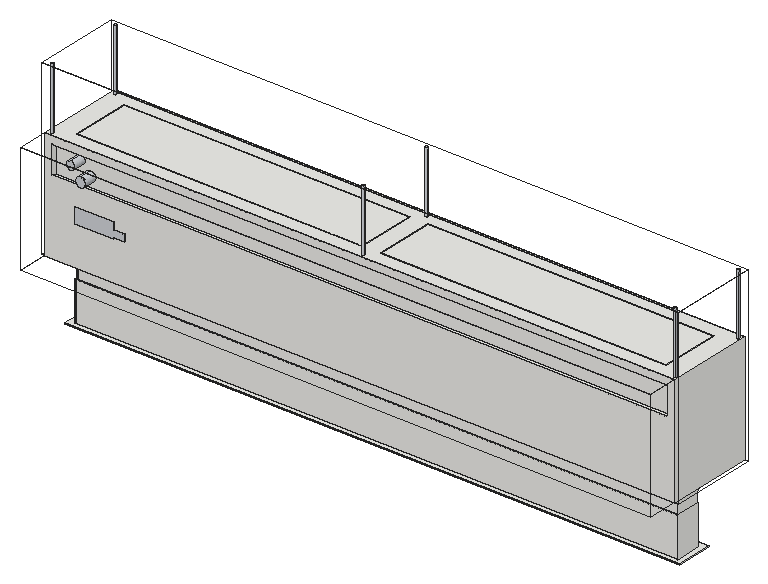
Revit family "AIRTECNICS_AIR CURTAIN_INVISAIR_DX-VRF_(MITSUBISHI ELECTRIC)123", category Mechanical Equipment, Revit 2016 (continued)
Types (10, lengths in mm): name | Weight | Product Size | Product Reference | Product Heating | Product Description | Power Fans | Noise Level (dB(A)) | Mainfolds | Length | Heating Capacity | Gas Coil Volume | External Ut. Reference | Expansion Valve | Dn_Metric_Refrig_Liquid | Dn_Metric_Refrig_Gas | DX VRF | DX Kit | DX Coil Rows = 4 | DX Coil Rows = 3 | DX 1:1 | Current Fans | CT | CR | CH | CDX | Apparent Load | Airflow | L
  IECG 2000 DX24-ME | 89.00 kg | "2000" | "IECG 2000 DX24-ME" | "Direct Expansion 1:1 system" | "Energy saving heat pump air curtain: Up to 70% reduction in costs and CO2 emissions (heating mode).\r\nSpecially designed for applications where the body of the air curtain is to be installed inside a column or bulkhead for architectural reasons. It can be vertically or horizontally mounted.\r\nSelf-supporting casing construction made of galvanized steel plate, finished in structural epoxy-polyester painting white colour RAL9016 as standard. Other colours or stainless steel are available on request. \r\nThe air flow of Invisair follows a straight line from the air inlet grille to the to the discharge. Inlet area inside a bulkhead or column should be designed with suitable grille provided by others.\r\nAnodized aluminium outlet vanes, airfoil shaped, adjustable from 0 to 15º each side.\r\nDouble-inlet centrifugal fans driven by an external rotor motor and low noise level. 5-speed selector. EC models assembled with very low consumption efficiency fans. \r\nIncludes only heating direct expansion coil with installed temperature sensors.\r\nPlug&Play control panel CS-5DX-NE slave DX with 5 speeds selector and 7m telephone cable included.\r\nReady to connect to MITSUBISHI ELECTRIC Standard and Power Inverter outdoor heat pump unit (R410A) with expansion valve, not included, the customer should purchase it.\r\nRequires PAC-IF012B-E MITSUBISHI ELECTRIC DX Interface KIT adapted for air curtain and PAR-33MAA programmable control, please consult.\r\nAir Volume: 4380 m3/h \r\nFans:  0,426 kW  3,72 A 230Vx1 50/60Hz\r\nHeating capacity: 23,63 kW\r\nDimensions: 285x570/620x2055 mm (depth, height, length), including telescopic outlet for easy installation.\r\nNOT SUPPLIED BY AIRTÈCNICS:\r\nPAC-IF012B-E Interface DX kit and PAR-33MAA programmable control.\r\nExternal unit:\r\n PUHZ-ZRP250YKAExternal unit with direct expansion valve Mitsubishi Electric, triple phase motor 400Vx3 50Hz.\r\nHeating capacity 27kW. Heating power: 8,94kW. COP 3,75.\r\nCooling capacity 22kW. Cooling power 8,31kW. EER 2,65.\r\nCooling circuits 1\" - 1/2\".\r\nMaximum length 100m.\r\nMaximum slope 30m." | 0.426 kW | 63 | "1\" & 1/2" | 2055.0 | 23.63 kW | 0.0041 m³ | "Only Triple Phase" | "Included on External Unit" | 15 | 25 | no | "PAC-IF012B-E" | yes | no | yes | 3.72 A | 8 | 2 | 2 | 1 | 852 VA | 4380 m³/h | 2000.0
  IECG 2000 DX22-ME | 89.00 kg | "2000" | "IECG 2000 DX22-ME" | "Direct Expansion 1:1 system" | "Energy saving heat pump air curtain: Up to 70% reduction in costs and CO2 emissions (heating mode).\r\nSpecially designed for applications where the body of the air curtain is to be installed inside a column or bulkhead for architectural reasons. It can be vertically or horizontally mounted.\r\nSelf-supporting casing construction made of galvanized steel plate, finished in structural epoxy-polyester painting white colour RAL9016 as standard. Other colours or stainless steel are available on request. \r\nThe air flow of Invisair follows a straight line from the air inlet grille to the to the discharge. Inlet area inside a bulkhead or column should be designed with suitable grille provided by others.\r\nAnodized aluminium outlet vanes, airfoil shaped, adjustable from 0 to 15º each side.\r\nDouble-inlet centrifugal fans driven by an external rotor motor and low noise level. 5-speed selector. EC models assembled with very low consumption efficiency fans. \r\nIncludes only heating direct expansion coil with installed temperature sensors.\r\nPlug&Play control panel CS-5DX-NE slave DX with 5 speeds selector and 7m telephone cable included.\r\nReady to connect to MITSUBISHI ELECTRIC Standard and Power Inverter outdoor heat pump unit (R410A) with expansion valve, not included, the customer should purchase it.\r\nRequires PAC-IF012B-E MITSUBISHI ELECTRIC DX Interface KIT adapted for air curtain and PAR-33MAA programmable control, please consult.\r\nAir Volume: 4380 m3/h \r\nFans:  0,426 kW  3,72 A 230Vx1 50/60Hz\r\nHeating capacity: 22,40 kW\r\nDimensions: 285x570/620x2055 mm (depth, height, length), including telescopic outlet for easy installation.\r\nNOT SUPPLIED BY AIRTÈCNICS:\r\nPAC-IF012B-E Interface DX kit and PAR-33MAA programmable control.\r\nExternal unit:\r\n PUHZ-ZRP200YKAExternal unit with direct expansion valve Mitsubishi Electric, triple phase motor 400Vx3 50Hz.\r\nHeating capacity 22,4kW. Heating power: 6,94kW. COP 3,23.\r\nCooling capacity 19kW. Cooling power 6,46kW. EER 2,94.\r\nCooling circuits 1\" - 3/8\".\r\nMaximum length 100m.\r\nMaximum slope 30m." | 0.426 kW | 63 | "1\" & 3/8" | 2055.0 | 22.4 kW | 0.0041 m³ | "Only Triple Phase" | "Included on External Unit" | 10 | 25 | no | "PAC-IF012B-E" | yes | no | yes | 3.72 A | 8 | 2 | 2 | 0 | 568 VA | 4380 m³/h | 2000.0
  IECG 1500 VRF15-ME | 69.00 kg | "1500" | "IECG 1500 VRF15-ME" | "Direct Expansion VRF system" | "Energy saving heat pump air curtain: Up to 70% reduction in costs and CO2 emissions (heating mode).\r\nSpecially designed for applications where the body of the air curtain is to be installed inside a column or bulkhead for architectural reasons. It can be vertically or horizontally mounted.\r\nSelf-supporting casing construction made of galvanized steel plate, finished in structural epoxy-polyester painting white colour RAL9016 as standard. Other colours or stainless steel are available on request. \r\nThe air flow of Invisair follows a straight line from the air inlet grille to the to the discharge. Inlet area inside a bulkhead or column should be designed with suitable grille provided by others.\r\nAnodized aluminium outlet vanes, airfoil shaped, adjustable from 0 to 15º each side.\r\nDouble-inlet centrifugal fans driven by an external rotor motor and low noise level. 5-speed selector. EC models assembled with very low consumption efficiency fans. \r\nIncludes only heating direct expansion coil with installed temperature sensors.\r\nPlug&Play control panel CS-5DX-NE slave DX with 5 speeds selector and 7m telephone cable included.\r\nReady to connect to MITSUBISHI ELECTRIC VRF outdoor heat pump unit (R410A), not included, the customer should purchase it.\r\nRequires PAC-AH125M-J MITSUBISHI ELECTRIC VRF Interface KIT adapted for air curtain with expansion valve and  PAR-33MAA programmable control, please consult.\r\nAir Volume: 2920 m3/h \r\nFans:  0,284 kW  2,48 A 230Vx1 50/60Hz\r\nHeating capacity: 15,32 kW\r\nDimensions: 285x570/620x1550 mm (depth, height, length), including telescopic outlet for easy installation.\r\nNOT SUPPLIED BY AIRTÈCNICS:\r\nPAC-AH125M-J Interface VRF kit and PAR-33MAA programmable control.\r\nExternal unit VRF." | 0.284 kW | 62 | "5/8 & 3/8" | 1550.0 | 15.32 kW | 0.003 m³ | "Not available" | "Included on DX Kit" | 10 | 16 | yes | "PAC-AH125M-J" | yes | no | no | 2.48 A | 4 | 2 | 4 | 0 | 568 VA | 2920 m³/h | 1500.0
  IECG 1500 VRF13-ME | 69.00 kg | "1500" | "IECG 1500 VRF13-ME" | "Direct Expansion VRF system" | "Energy saving heat pump air curtain: Up to 70% reduction in costs and CO2 emissions (heating mode).\r\nSpecially designed for applications where the body of the air curtain is to be installed inside a column or bulkhead for architectural reasons. It can be vertically or horizontally mounted.\r\nSelf-supporting casing construction made of galvanized steel plate, finished in structural epoxy-polyester painting white colour RAL9016 as standard. Other colours or stainless steel are available on request. \r\nThe air flow of Invisair follows a straight line from the air inlet grille to the to the discharge. Inlet area inside a bulkhead or column should be designed with suitable grille provided by others.\r\nAnodized aluminium outlet vanes, airfoil shaped, adjustable from 0 to 15º each side.\r\nDouble-inlet centrifugal fans driven by an external rotor motor and low noise level. 5-speed selector. EC models assembled with very low consumption efficiency fans. \r\nIncludes only heating direct expansion coil with installed temperature sensors.\r\nPlug&Play control panel CS-5DX-NE slave DX with 5 speeds selector and 7m telephone cable included.\r\nReady to connect to MITSUBISHI ELECTRIC VRF outdoor heat pump unit (R410A), not included, the customer should purchase it.\r\nRequires PAC-AH125M-J MITSUBISHI ELECTRIC VRF Interface KIT adapted for air curtain with expansion valve and  PAR-33MAA programmable control, please consult.\r\nAir Volume: 2920 m3/h \r\nFans:  0,284 kW  2,48 A 230Vx1 50/60Hz\r\nHeating capacity: 13,11 kW\r\nDimensions: 285x570/620x1550 mm (depth, height, length), including telescopic outlet for easy installation.\r\nNOT SUPPLIED BY AIRTÈCNICS:\r\nPAC-AH125M-J Interface VRF kit and PAR-33MAA programmable control.\r\nExternal unit VRF." | 0.284 kW | 62 | "5/8 & 3/8" | 1550.0 | 13.11 kW | 0.0022 m³ | "Not available" | "Included on DX Kit" | 10 | 16 | yes | "PAC-AH125M-J" | no | yes | no | 2.48 A | 4 | 4 | 4 | 0 | 568 VA | 2920 m³/h | 1500.0
  IECG 1500 DX14-ME | 69.00 kg | "1500" | "IECG 1500 DX14-ME" | "Direct Expansion 1:1 system" | "Energy saving heat pump air curtain: Up to 70% reduction in costs and CO2 emissions (heating mode).\r\nSpecially designed for applications where the body of the air curtain is to be installed inside a column or bulkhead for architectural reasons. It can be vertically or horizontally mounted.\r\nSelf-supporting casing construction made of galvanized steel plate, finished in structural epoxy-polyester painting white colour RAL9016 as standard. Other colours or stainless steel are available on request. \r\nThe air flow of Invisair follows a straight line from the air inlet grille to the to the discharge. Inlet area inside a bulkhead or column should be designed with suitable grille provided by others.\r\nAnodized aluminium outlet vanes, airfoil shaped, adjustable from 0 to 15º each side.\r\nDouble-inlet centrifugal fans driven by an external rotor motor and low noise level. 5-speed selector. EC models assembled with very low consumption efficiency fans. \r\nIncludes only heating direct expansion coil with installed temperature sensors.\r\nPlug&Play control panel CS-5DX-NE slave DX with 5 speeds selector and 7m telephone cable included.\r\nReady to connect to MITSUBISHI ELECTRIC Standard and Power Inverter outdoor heat pump unit (R410A) with expansion valve, not included, the customer should purchase it.\r\nRequires PAC-IF012B-E MITSUBISHI ELECTRIC DX Interface KIT adapted for air curtain and PAR-33MAA programmable control, please consult.\r\nAir Volume: 2920 m3/h \r\nFans:  0,284 kW  2,48 A 230Vx1 50/60Hz\r\nHeating capacity: 14,00 kW\r\nDimensions: 285x570/620x1550 mm (depth, height, length), including telescopic outlet for easy installation.\r\nNOT SUPPLIED BY AIRTÈCNICS:\r\nPAC-IF012B-E Interface DX kit and PAR-33MAA programmable control.\r\nExternal unit:\r\nOption 1: PUHZ-ZRP125VKA\r\nExternal unit with direct expansion valve Mitsubishi Electric, single phase motor 230Vx1 50Hz.\r\nHeating capacity 14kW. Heating power: 3,63kW. COP 3,86.\r\nCooling capacity 12,5kW. Cooling power 4,05kW. EER 3,09.\r\nCooling circuits 5/8\" - 3/8\".\r\nMaximum length 75m.\r\nMaximum slope 30m.\r\nOption 2: PUHZ-ZRP125YKA\r\nExternal unit with direct expansion valve Mitsubishi Electric, triple phase motor 400Vx3 50Hz.\r\nHeating capacity 14kW. Heating power: 3,63kW. COP 3,86.\r\nCooling capacity 12,5kW. Cooling power 4,05kW. EER 3,09.\r\nCooling circuits 5/8\" - 3/8\".\r\nMaximum length 75m.\r\nMaximum slope 30m." | 0.284 kW | 62 | "5/8 & 3/8" | 1550.0 | 14 kW | 0.003 m³ | "PUHZ-ZRP125VKA" | "Included on External Unit" | 10 | 16 | no | "PAC-IF012B-E" | yes | no | yes | 2.48 A | 4 | 2 | 2 | 0 | 568 VA | 2920 m³/h | 1500.0
